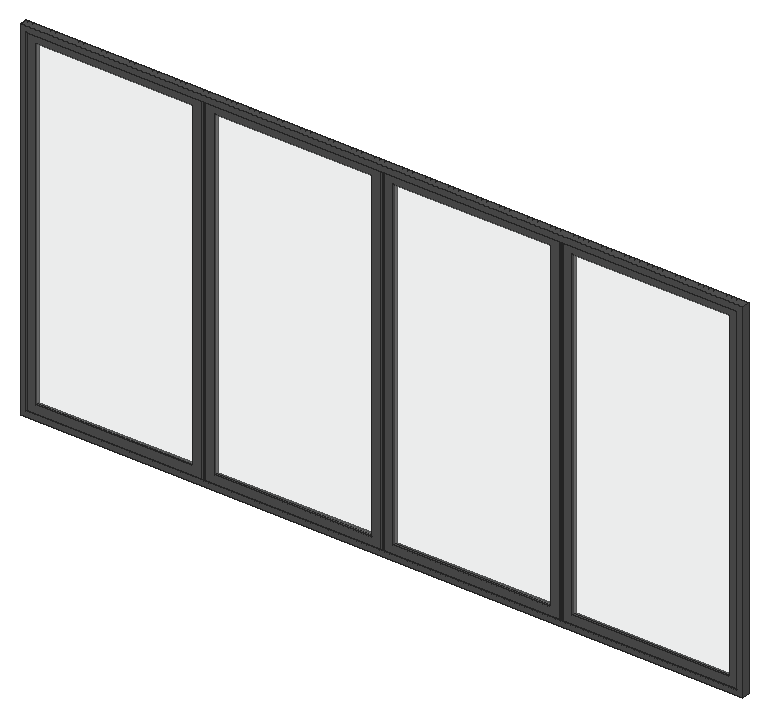
Revit family "Door_Fixed Panel_The Sliding Door Company_4-Panel Fixed", category Doors, host Wall, Revit 2019
Family settings
  Host = Wall
  OmniClass Number = 23.30.10.00
  OmniClass Title = Doors
  Always vertical = Yes
  Cut with Voids When Loaded = No
  Shared = No
  Room Calculation Point = No
Parameters (values of type "4 Fixed Panels")
  URL = "https://www.slidingdoorco.com"
  Thickness = 1 1/4"  # constant formula
  Rough Width = Finished Opening or Order Width + 5/8" * 2  # 203 1/4"
  Rough Height = Finished Opening Height + 5/8"  # 98 5/8"
  Panel Width = (Width - 2") / 4  # 50"
  Panel Height = Height - 1 1/2"  # 96 1/2"
  Model = "Fixed Panel System"  # constant formula
  Manufacturer = "The Sliding Door Company"  # constant formula
  Limitations = "Panel Width x System Height cannot exceed 7,400 square inches"  # constant formula
  Glass Thickness = "Available in: 5mm Tempered, 7mm,10mm,11mm Laminated Glass"  # constant formula
  Glass Material [instance] = TSDC - Glass - Clear
  Function = Interior
  Height = if(Finished Opening Height > 122", 122", Finished Opening Height)  # 98"
  Wall Closure = By host
  Width = if(Finished Opening or Order Width > 210", 210", Finished Opening or Order Width)  # 202"
  Stile and Rail = 3"
  Fire Rating = "N/A"  # constant formula
  Finished Opening or Order Width = 202"
  Finished Opening Height = 98"
  Door Casing Material [instance] = TSDC - Casing/Upper Track - Powder Coated Black
  Description = "4 Fixed Panel System"  # constant formula
  Contact The Sliding Door Company = "https://www.slidingdoorco.com/contact"
  Construction Type = "Fixed Panel System"  # constant formula
  Analytic Construction = "<None>"
  3" Frame (No Support Dividers) = "Max. H=122 in., Max. W=210 in. (52 in. panel width)"  # constant formula
  1 1/2" Frame (No Support Dividers) = "Max. H=108 in., Max. W=202 in. (50 in. panel width)"  # constant formula
Reference planes (in)
  plane 1 "Center (Front/Back)": y = 0
  plane 2 "Center (Left/Right)": x = 0
  plane 3 "Top": z = 98
  plane 4 "Exterior": y = 6
  plane 5 "Interior": y = -6
  plane 6 "2": z = 96.375
  plane 7 "3": z = 97.25
  plane 8: y = -0.67851
  plane 9: x = -101
  plane 10: x = 101
  plane 11: x = 100
  plane 12: x = -100
  plane 13: x = -50
  plane 14: x = 50
  plane 15: z = 0.75
Forms (in)
  Extrusion 1, solid, material "TSDC - Casing/Upper Track - Powder Coated Black" <- "Door Casing Material"
    sketch origin (40.75888, -1.3998, 0) x (-1, 0, 0) y (0, 0, -1)
      loop
        line (140.75888, -97.25) -> (140.75888, -0.75) -> (90.75888, -0.75) -> (90.75888, -97.25) -> (140.75888, -97.25)
      loop
        line (137.75888, -94.25) -> (137.75888, -3.75) -> (93.75888, -3.75) -> (93.75888, -94.25) -> (137.75888, -94.25)
    from 3 to 4.25
  Extrusion 2, solid, material "TSDC - Glass - Clear" <- "Glass Material"
    sketch origin (40.75888, -1.8998, 0) x (-1, 0, 0) y (0, 0, -1)
      loop
        line (137.75888, -94.25) -> (137.75888, -3.75) -> (93.75888, -3.75) -> (93.75888, -94.25) -> (137.75888, -94.25)
    from 3 to 3.25
  Extrusion 3, solid, material "TSDC - Casing/Upper Track - Powder Coated Black" <- "Door Casing Material"
    sketch origin (15.93339, -2.06132, 0) x (1, 0, 0) y (0, 1, 0)
      loop
        line (-66.02714, -3.58848) -> (-66.30839, -3.58848) -> (-66.30839, -3.62754) -> (-65.55839, -3.62754) -> (-65.55839, -3.58848) -> (-65.83964, -3.58848) -> (-65.83964, -2.33848) -> (-65.55839, -2.33848) -> (-65.55839, -2.29942) -> (-66.30839, -2.29942) -> (-66.30839, -2.33848) -> (-66.02714, -2.33848) -> (-66.02714, -3.58848)
    from 0.75 to 97.25
  Sweep 4, solid, material "TSDC - Casing/Upper Track - Powder Coated Black" <- "Door Casing Material"
    path origin (0, 0, 0) x (1, 0, 0) y (0, 0, 1)
      loop
        line (101, 98) -> (-101, 98) -> (-101, 0) -> (101, 0) -> (101, 98)
    profile origin (0, 0, 98) x (0, 0, -1) y (0, -1, 0)
      loop
        line (0, 6) -> (0, 4.0248) -> (1.5, 4.0248) -> (1.5, 4.36074) -> (0.0625, 4.36074) -> (0.0625, 5.68886) -> (1.5, 5.68886) -> (1.5, 6) -> (0, 6)
  Extrusion 5, solid, material "TSDC - Casing/Upper Track - Powder Coated Black" <- "Door Casing Material"
    sketch origin (79.75888, -1.3998, 0) x (-1, 0, 0) y (0, 0, -1)
      loop
        line (129.75888, -97.25) -> (129.75888, -0.75) -> (79.75888, -0.75) -> (79.75888, -97.25) -> (129.75888, -97.25)
      loop
        line (126.75888, -94.25) -> (126.75888, -3.75) -> (82.75888, -3.75) -> (82.75888, -94.25) -> (126.75888, -94.25)
    from 3 to 4.25
  Extrusion 6, solid, material "TSDC - Glass - Clear" <- "Glass Material"
    sketch origin (79.75888, -1.8998, 0) x (-1, 0, 0) y (0, 0, -1)
      loop
        line (126.75888, -94.25) -> (126.75888, -3.75) -> (82.75888, -3.75) -> (82.75888, -94.25) -> (126.75888, -94.25)
    from 3 to 3.25
  Extrusion 7, solid, material "TSDC - Casing/Upper Track - Powder Coated Black" <- "Door Casing Material"
    sketch origin (118.75888, -1.3998, 0) x (-1, 0, 0) y (0, 0, -1)
      loop
        line (118.75888, -97.25) -> (118.75888, -0.75) -> (68.75888, -0.75) -> (68.75888, -97.25) -> (118.75888, -97.25)
      loop
        line (115.75888, -94.25) -> (115.75888, -3.75) -> (71.75888, -3.75) -> (71.75888, -94.25) -> (115.75888, -94.25)
    from 3 to 4.25
  Extrusion 8, solid, material "TSDC - Glass - Clear" <- "Glass Material"
    sketch origin (118.75888, -1.8998, 0) x (-1, 0, 0) y (0, 0, -1)
      loop
        line (115.75888, -94.25) -> (115.75888, -3.75) -> (71.75888, -3.75) -> (71.75888, -94.25) -> (115.75888, -94.25)
    from 3 to 3.25
  Extrusion 9, solid, material "TSDC - Casing/Upper Track - Powder Coated Black" <- "Door Casing Material"
    sketch origin (54.93339, -2.06132, 0) x (1, 0, 0) y (0, 1, 0)
      loop
        line (-55.02714, -3.58848) -> (-55.30839, -3.58848) -> (-55.30839, -3.62754) -> (-54.55839, -3.62754) -> (-54.55839, -3.58848) -> (-54.83964, -3.58848) -> (-54.83964, -2.33848) -> (-54.55839, -2.33848) -> (-54.55839, -2.29942) -> (-55.30839, -2.29942) -> (-55.30839, -2.33848) -> (-55.02714, -2.33848) -> (-55.02714, -3.58848)
    from 0.75 to 97.25
  Extrusion 10, solid, material "TSDC - Casing/Upper Track - Powder Coated Black" <- "Door Casing Material"
    sketch origin (93.93339, -2.06132, 0) x (1, 0, 0) y (0, 1, 0)
      loop
        line (-44.02714, -3.58848) -> (-44.30839, -3.58848) -> (-44.30839, -3.62754) -> (-43.55839, -3.62754) -> (-43.55839, -3.58848) -> (-43.83964, -3.58848) -> (-43.83964, -2.33848) -> (-43.55839, -2.33848) -> (-43.55839, -2.29942) -> (-44.30839, -2.29942) -> (-44.30839, -2.33848) -> (-44.02714, -2.33848) -> (-44.02714, -3.58848)
    from 0.75 to 97.25
  Extrusion 11, solid, material "TSDC - Casing/Upper Track - Powder Coated Black" <- "Door Casing Material"
    sketch origin (157.75888, -1.3998, 0) x (-1, 0, 0) y (0, 0, -1)
      loop
        line (107.75888, -97.25) -> (107.75888, -0.75) -> (57.75888, -0.75) -> (57.75888, -97.25) -> (107.75888, -97.25)
      loop
        line (104.75888, -94.25) -> (104.75888, -3.75) -> (60.75888, -3.75) -> (60.75888, -94.25) -> (104.75888, -94.25)
    from 3 to 4.25
  Extrusion 12, solid, material "TSDC - Glass - Clear" <- "Glass Material"
    sketch origin (157.75888, -1.8998, 0) x (-1, 0, 0) y (0, 0, -1)
      loop
        line (104.75888, -94.25) -> (104.75888, -3.75) -> (60.75888, -3.75) -> (60.75888, -94.25) -> (104.75888, -94.25)
    from 3 to 3.25
Lines and regions (in)
  Opening 1
    outline origin (-60, -6, 0) x (1, 0, 0) y (0, 0, 1)
      loop
        line (161, 98) -> (-41, 98) -> (-41, 0) -> (161, 0) -> (161, 98)
  model lines, not visible
    curve 1: line (-29.8125, -2.71348, 0) -> (-29.8125, -1.28652, 0)
    curve 2: line (-28.3125, -3, 0) -> (-29.8125, -3, 0)
    curve 3: line (-29.23047, -1.28652, 0) -> (-29.8125, -1.28652, 0)
    curve 4: line (-29.75, -2.65098, 0) -> (-29.75, -1.34902, 0)
    curve 5: line (-29.23047, -1.07167, 0) -> (-29.23047, -1.28652, 0)
    curve 6: line (-29.16797, -1.07167, 0) -> (-29.23047, -1.07167, 0)
    curve 7: line (-29.16797, -1.28652, 0) -> (-29.16797, -1.07167, 0)
    curve 8: line (-28.42188, -1.07167, 0) -> (-28.42188, -1.28652, 0)
    curve 9: line (-28.35938, -1.34902, 0) -> (-28.35938, -1.07167, 0)
    curve 10: line (-28.42188, -1.28652, 0) -> (-29.16797, -1.28652, 0)
    curve 11: line (-28.35938, -1.07167, 0) -> (-28.42188, -1.07167, 0)
    curve 12: line (-28.35938, -1.34902, 0) -> (-29.75, -1.34902, 0)
    curve 13: line (-29.23047, -2.71348, 0) -> (-29.8125, -2.71348, 0)
    curve 14: line (-29.23047, -2.92833, 0) -> (-29.23047, -2.71348, 0)
    curve 15: line (-29.16797, -2.92833, 0) -> (-29.23047, -2.92833, 0)
    curve 16: line (-29.16797, -2.71348, 0) -> (-29.16797, -2.92833, 0)
    curve 17: line (-28.42188, -2.92833, 0) -> (-28.42188, -2.71348, 0)
    curve 18: line (-28.35938, -2.65098, 0) -> (-28.35938, -2.92833, 0)
    curve 19: line (-28.42188, -2.71348, 0) -> (-29.16797, -2.71348, 0)
    curve 20: line (-28.35938, -2.92833, 0) -> (-28.42188, -2.92833, 0)
    curve 21: line (-28.35938, -2.65098, 0) -> (-29.75, -2.65098, 0)
    curve 22: line (-28.3125, -1.0248, 0) -> (-29.8125, -1.0248, 0)
    curve 23: line (-29.8125, -1.0248, 0) -> (-29.8125, -1.2748, 0)
    curve 24: line (-29.8125, -1.2748, 0) -> (29.8125, -1.2748, 0)
    curve 25: line (-29.77734, -1.2748, 0) -> (-29.77734, -1.05996, 0)
    curve 26: line (-29.24219, -1.2748, 0) -> (-29.24219, -1.05996, 0)
    curve 27: line (-29.27734, -1.05996, 0) -> (-29.27734, -1.2748, 0)
    curve 28: line (-29.77734, -1.05996, 0) -> (-28.34766, -1.05996, 0)
    curve 29: line (-28.34766, -1.05996, 0) -> (-28.34766, -1.34902, 0)
    curve 30: line (-28.3125, -1.34902, 0) -> (-28.3125, -1.0248, 0)
    curve 31: line (-28.34766, -1.34902, 0) -> (-28.3125, -1.34902, 0)
Text (in)
  text "Exterior" at (-165.54235, 27.31104, 0), in view "Ref. Level"
  text "Interior" at (-165.54235, -25.14366, 0), in view "Ref. Level"
  text "Exterior" at (0, 40.15149, 123.01588), in view "Right"
  text "Interior" at (0, -64.39139, 123.01588), in view "Right"
  text "Interior" at (0, -31.01599, 123.00693), in view "Left"
  text "Exterior" at (0, 54.57065, 123.00693), in view "Left"
Dimensions and locks (in)
  "Height": level to plane 3 "Top"
  locked: plane 6 "2" to plane 3 "Top" at 1.625
  locked: plane 7 "3" to plane 3 "Top" at 0.75
  "Stile and Rail": Extrusion 1 to Extrusion 1  (x4)
  "Width": plane 9 to plane 10
  locked: plane 9 to plane 12 at 1
  locked: plane 11 to plane 10 at 1
  locked: Extrusion 1 to Extrusion 1 at 1.25
  Sweep 4 to Sweep 4 to Sweep 4 to Sweep 4 = 43/128" locked, 1 21/64" locked, 0.31114" locked
  equal spacing: plane 12, plane 13, plane 2 "Center (Left/Right)", plane 14, plane 11
  "Stile and Rail": Extrusion 5 to Extrusion 5  (x4)
  locked: Extrusion 5 to Extrusion 5 at 1.25
  "Stile and Rail": Extrusion 7 to Extrusion 7  (x4)
  locked: Extrusion 7 to Extrusion 7 at 1.25
  "Stile and Rail": Extrusion 11 to Extrusion 11  (x4)
  locked: Extrusion 11 to Extrusion 11 at 1.25
  plane 5 "Interior" to Extrusion 3 to Extrusion 3 to Extrusion 3 to Extrusion 3 = 0.31114" locked, 5/128" locked, 1 1/4" locked, 5/128" locked
  plane 5 "Interior" to Extrusion 9 to Extrusion 9 to Extrusion 9 to Extrusion 9 = 0.31114" locked, 5/128" locked, 1 1/4" locked, 5/128" locked
  plane 5 "Interior" to Extrusion 10 to Extrusion 11 to Extrusion 11 to Extrusion 10 = 0.31114" locked, 5/128" locked, 1 1/4" locked, 5/128" locked
  plane 5 "Interior" to Extrusion 1 to Extrusion 1 = 0.3502" locked, 1 1/4" locked
  plane 5 "Interior" to Extrusion 5 to Extrusion 5 = 0.3502" locked, 1 1/4" locked
  plane 5 "Interior" to Extrusion 7 to Extrusion 7 = 0.3502" locked, 1 1/4" locked
  plane 5 "Interior" to Extrusion 11 to Extrusion 11 = 0.3502" locked, 1 1/4" locked
  plane 5 "Interior" to Extrusion 12 to Extrusion 12 = 0.8502" locked, 1/4" locked
  plane 5 "Interior" to Extrusion 8 to Extrusion 8 = 0.8502" locked, 1/4" locked
  plane 5 "Interior" to Extrusion 6 to Extrusion 6 = 0.8502" locked, 1/4" locked
  plane 5 "Interior" to Extrusion 2 to Extrusion 2 = 0.8502" locked, 1/4" locked
  aligned and locked: plane 4 "Exterior" to host wall
  aligned and locked: host wall to plane 5 "Interior"
  aligned and locked: Extrusion 3 to plane 7 "3"
  aligned and locked: Opening 1 sketch curve to plane 3 "Top"
  aligned and locked: plane 10 to Opening 1 sketch curve
  aligned and locked: Sweep 4 sketch curve to host wall  (x3)
  aligned and locked: profile plane to Sweep 4 sketch curve
  aligned and locked: host wall to Sweep 4 sketch curve
  aligned and locked: Extrusion 3 to Sweep 4 sketch curve
  aligned and locked: Sweep 4 sketch curve to Extrusion 3
  aligned and locked: Extrusion 2 to Extrusion 1  (x4)
  aligned and locked: Extrusion 6 to Extrusion 5  (x4)
  aligned and locked: Extrusion 8 to Extrusion 7  (x4)
  aligned and locked: Extrusion 12 to Extrusion 11  (x4)
  aligned and locked: Extrusion 9 to plane 7 "3"
  aligned and locked: Extrusion 10 to plane 7 "3"
  aligned and locked: Extrusion 1 to plane 15
  aligned and locked: Extrusion 3 to Extrusion 1
  aligned and locked: Extrusion 5 to Extrusion 1
  aligned and locked: Extrusion 9 to Extrusion 1
  aligned and locked: Extrusion 7 to Extrusion 1
  aligned and locked: Extrusion 10 to Extrusion 1
  aligned and locked: Extrusion 11 to Extrusion 1
Automatic sketch dimensions
  curve 24 to curve 1 = 0"
  curve 2 to curve 1 = 0"
  curve 22 to curve 28 = 9/256"
  curve 1 to curve 4 = 1/16"
  curve 4 to curve 14 = 133/256"
  curve 4 to curve 3 = 133/256"
  curve 3 to curve 10 = 1/16"
  curve 13 to curve 16 = 1/16"
  curve 16 to curve 19 = 191/256"
  curve 6 to curve 8 = 191/256"
  curve 17 to curve 18 = 1/16"
  curve 8 to curve 12 = 1/16"
  curve 18 to curve 2 = 3/64"
  curve 2 to curve 20 = 0.07167"
  curve 2 to curve 16 = 0.07167"
  curve 15 to curve 16 = 55/256"
  curve 14 to curve 16 = 0"
  curve 17 to curve 21 = 1/16"
  curve 18 to curve 12 = 1.30196"
  curve 9 to curve 10 = 1/16"
  curve 5 to curve 7 = 0"
  curve 1 to curve 24 = 3/256"
  curve 26 to curve 5 = 13/64"
  curve 8 to curve 11 = 55/256"
  curve 25 to curve 28 = 55/256"
  curve 25 to curve 22 = 9/256"
  curve 27 to curve 5 = 3/64"
  curve 26 to curve 5 = 3/256"
  curve 9 to curve 29 = 3/256"
  curve 28 to curve 31 = 9/256"
  curve 28 to curve 24 = 58 41/256"
  curve 9 to curve 30 = 0"
  Extrusion 1 sketch curve to plane 7 "3" = 0"
  Extrusion 1 sketch curve to plane 13 = 0"
  Extrusion 1 sketch curve to plane 12 = 0"
  Extrusion 1 sketch curve to plane 13 = 3"
  plane 12 to Extrusion 1 sketch curve = 3"
  plane 6 "2" to Extrusion 1 sketch curve = 2 1/8"
  Extrusion 2 sketch curve to plane 13 = 3"
  plane 12 to Extrusion 2 sketch curve = 3"
  plane 6 "2" to Extrusion 2 sketch curve = 2 1/8"
  Extrusion 3 sketch curve to plane 13 = 3/8"  (x2)
  Extrusion 3 sketch curve to plane 13 = 3/32"
  plane 13 to Extrusion 3 sketch curve = 3/32"
  Extrusion 3 sketch curve to Extrusion 3 sketch curve = 9/32"  (x2)
  Extrusion 3 sketch curve to host wall = 0.31114"
  Extrusion 3 sketch curve to Extrusion 3 sketch curve = 5/128"  (x3)
  plane 8 to Extrusion 3 sketch curve = 3.72129"
  Extrusion 3 sketch curve to Extrusion 3 sketch curve = 0"
  Opening 1 sketch curve to plane 9 = 0"
  Opening 1 sketch curve to level = 0"
  Sweep 4 sketch curve to level = 0"
  Sweep 4 sketch curve to profile plane = 1/16"
  Sweep 4 sketch curve to Sweep 4 sketch curve = 1 7/16"
  Sweep 4 sketch curve to Sweep 4 sketch curve = 0"
  Sweep 4 sketch curve to Sweep 4 sketch curve = 43/128"
  Extrusion 5 sketch curve to plane 2 "Center (Left/Right)" = 0"
  Extrusion 5 sketch curve to plane 7 "3" = 0"
  Extrusion 5 sketch curve to plane 13 = 0"
  Extrusion 5 sketch curve to plane 2 "Center (Left/Right)" = 3"
  plane 13 to Extrusion 5 sketch curve = 3"
  plane 6 "2" to Extrusion 5 sketch curve = 2 1/8"
  Extrusion 6 sketch curve to plane 2 "Center (Left/Right)" = 3"
  plane 13 to Extrusion 6 sketch curve = 3"
  plane 6 "2" to Extrusion 6 sketch curve = 2 1/8"
  Extrusion 7 sketch curve to plane 7 "3" = 0"
  Extrusion 7 sketch curve to plane 14 = 0"
  Extrusion 7 sketch curve to plane 2 "Center (Left/Right)" = 0"
  Extrusion 7 sketch curve to plane 14 = 3"
  plane 2 "Center (Left/Right)" to Extrusion 7 sketch curve = 3"
  plane 6 "2" to Extrusion 7 sketch curve = 2 1/8"
  Extrusion 8 sketch curve to plane 14 = 3"
  plane 2 "Center (Left/Right)" to Extrusion 8 sketch curve = 3"
  plane 6 "2" to Extrusion 8 sketch curve = 2 1/8"
  Extrusion 9 sketch curve to plane 2 "Center (Left/Right)" = 3/8"  (x2)
  Extrusion 9 sketch curve to plane 2 "Center (Left/Right)" = 3/32"
  plane 2 "Center (Left/Right)" to Extrusion 9 sketch curve = 3/32"
  Extrusion 9 sketch curve to Extrusion 9 sketch curve = 9/32"  (x2)
  Extrusion 9 sketch curve to host wall = 0.31114"
  Extrusion 9 sketch curve to Extrusion 9 sketch curve = 5/128"  (x3)
  plane 8 to Extrusion 9 sketch curve = 3.72129"
  Extrusion 9 sketch curve to Extrusion 9 sketch curve = 0"
  Extrusion 10 sketch curve to plane 14 = 3/8"  (x2)
  Extrusion 10 sketch curve to plane 14 = 3/32"
  plane 14 to Extrusion 10 sketch curve = 3/32"
  Extrusion 10 sketch curve to Extrusion 10 sketch curve = 9/32"  (x2)
  Extrusion 10 sketch curve to host wall = 0.31114"
  Extrusion 10 sketch curve to Extrusion 10 sketch curve = 5/128"  (x3)
  plane 8 to Extrusion 10 sketch curve = 3.72129"
  Extrusion 10 sketch curve to Extrusion 10 sketch curve = 0"
  Extrusion 11 sketch curve to plane 7 "3" = 0"
  Extrusion 11 sketch curve to plane 11 = 0"
  Extrusion 11 sketch curve to plane 14 = 0"
  Extrusion 11 sketch curve to plane 11 = 3"
  plane 14 to Extrusion 11 sketch curve = 3"
  plane 6 "2" to Extrusion 11 sketch curve = 2 1/8"
  Extrusion 12 sketch curve to plane 11 = 3"
  plane 14 to Extrusion 12 sketch curve = 3"
  plane 6 "2" to Extrusion 12 sketch curve = 2 1/8"
  level to Extrusion 1 sketch curve = 3 3/4"
  level to Extrusion 1 sketch curve = 3/4"
  level to Extrusion 2 sketch curve = 3 3/4"
  level to Extrusion 5 sketch curve = 3 3/4"
  level to Extrusion 5 sketch curve = 3/4"
  level to Extrusion 6 sketch curve = 3 3/4"
  level to Extrusion 7 sketch curve = 3 3/4"
  level to Extrusion 7 sketch curve = 3/4"
  level to Extrusion 8 sketch curve = 3 3/4"
  level to Extrusion 11 sketch curve = 3 3/4"
  level to Extrusion 11 sketch curve = 3/4"
  level to Extrusion 12 sketch curve = 3 3/4"
